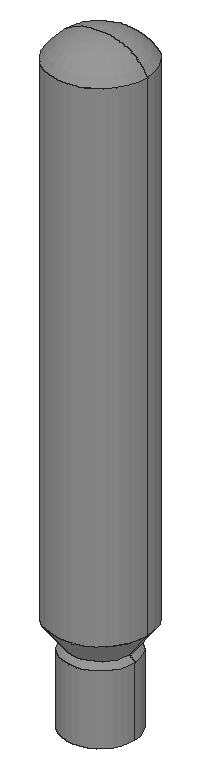
Revit family "MWH", category Pipe Accessories, Revit 2013
Parameters (values of type "C")
  URL = "www.mifab.com"
  Model = "MWH"
  Manufacturer = "Mifab"
  M.P.T Connection = 0' - 1"
  Length = 0' - 9"
  Material = Copper
  Diameter = 0' - 1 3/8"
  Description = "Piston Operated Water Hammer Arrestor"
  Assembly Code = ""
Types (7): name | M.P.T Connection | Length | Material | Diameter
  (no name) | 0' - 1" | 0' - 9" | Copper | 0' - 1 3/8"
  A | 0' - 0 1/2" | 0' - 6" | Metal-Watts-Copper | 0' - 1 1/8"
  B | 0' - 0 3/4" | 0' - 7 1/2" | Metal-Watts-Copper | 0' - 1 1/8"
  D | 0' - 1 1/4" | 0' - 10 1/2" | Metal-Watts-Copper | 0' - 1 5/8"
  E | 0' - 1 1/2" | 0' - 11 1/4" | Metal-Watts-Copper | 0' - 2 1/8"
  F | 0' - 2" | 1' - 1" | Metal-Watts-Copper | 0' - 2 5/8"
  C | 0' - 1" | 0' - 9" | Copper | 0' - 1 3/8"
Reference planes (in)
  plane 1 "Center (Front/Back)": y = 0
  plane 2: z = 0
  plane 3 "Center (Left/Right)": x = 0
  plane 4: x = -0.5
  plane 5: x = 0.5
  plane 6: z = 9
  plane 7: x = -0.6875
  plane 8: x = 0.6875
Forms (in)
  Revolve 1, solid, material "Copper" <- "Material"
    sketch origin (0.13533, 0, 0) x (1, 0, 0) y (0, 0, 1)
      loop
        line (-0.13533, 0) -> (0.36467, 0) -> (0.36467, 1) -> (0.28486, 1.07981) -> (0.55217, 1.42058) -> (0.55217, 8.63701)
        arc (0.55217, 8.63701) -> (0.25776, 8.91196) -> (-0.13533, 9) r 0.76776
        line (-0.13533, 9) -> (-0.13533, 0)
      axis (-0.13533, 9) -> (-0.13533, 0)
    angle from 0 to 360
Dimensions and locks (in)
  "Length": plane 6 to level
  equal spacing: plane 7, plane 3 "Center (Left/Right)", plane 8
  "Diameter": plane 7 to plane 8
  equal spacing: plane 5, plane 3 "Center (Left/Right)", plane 4
  "M.P.T Connection": plane 5 to plane 4
  aligned and locked: Revolve 1 sketch curve to plane 3 "Center (Left/Right)"
  aligned and locked: plane 5 to Revolve 1 sketch curve
  aligned and locked: Revolve 1 sketch curve to level
  aligned and locked: Revolve 1 sketch curve to plane 8
  aligned and locked: Revolve 1 sketch curve to Revolve 1 sketch curve
Automatic sketch dimensions
  Revolve 1 sketch curve to plane 6 = 0' - 0"
  Revolve 1 sketch curve to plane 5 = 0' - 0.07981"
  plane 3 "Center (Left/Right)" to Revolve 1 sketch curve = 0' - 0.03463"
  Revolve 1 sketch curve to Revolve 1 sketch curve = 0' - 1"
  Revolve 1 sketch curve to Revolve 1 sketch curve = 0' - 0.07981"
  Revolve 1 sketch curve to Revolve 1 sketch curve = 0' - 0.34077"
  Revolve 1 sketch curve to plane 6 = 0' - 0.36299"
  Revolve 1 sketch curve to level = 0' - 1 1/4"
  plane 6 to Revolve 1 sketch curve = 0' - 2"
Connectors (in)
  piping at (0, 0, 0)
    settings: on Revolve 1, index 1, connector radius 1/2", flow factor 0, pipe flow 0 GPM, pressure drop 0.00 psi, fitting loss kfactor 0, connector angle 0.00°, fixture units 0, engagement length 0' - 0", flow configuration 1, flow direction 1, fitting loss method 0, system type 29, joint type 0, gender type 0, connector reference index -1, connector utility 0, adjustable connector no, is connector primary yes, fitting loss table "", connector description "in"
